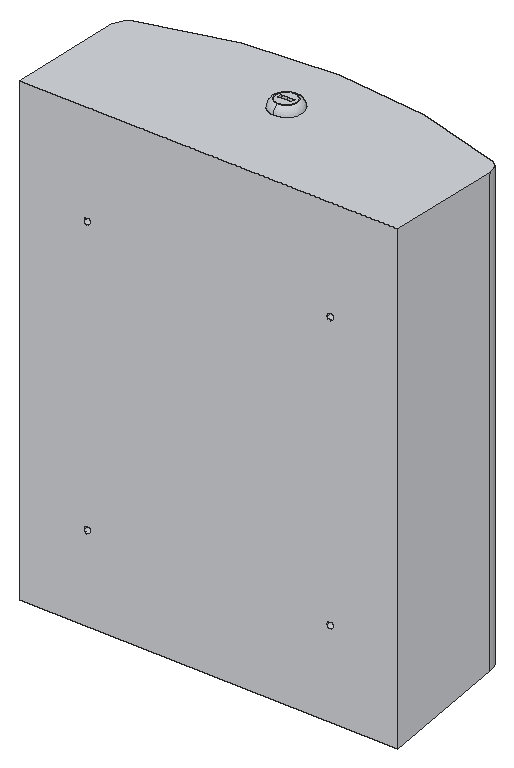
Revit family "AX9008_0003", category Appareils sanitaires, Revit 2016
Family settings
  Hôte = Mur
  Type d'élément = Normal
  Cote de connecteur circulaire = Utiliser le diamètre
  Numéro OmniClass = 23.75.00.00
  Titre OmniClass = Climate Control (HVAC)
  Toujours verticalement = Oui
  Couper avec des vides une fois chargée = Non
  Partagée = Non
  Point de calcul de pièce = Non
Parameters (values of type "Type 1")
  URL = "http://www.axeuro.com/fr/distributeurs-de-savon/23976-distributeur-de-savon-horizontal-arretes-arrondie-ax9403.html?search_query=ax9403&results=2"
  Modèle = "AX9403"  # constant formula
  Matériaux = "En inox 304 (18/10) Bactériostatique"  # constant formula
  Finition = "Brossé Poli Satiné HyperPolish"  # constant formula
  Fabricant = "Axeuro"  # constant formula
  Description = "Distributeur de savon horizontal"  # constant formula
Reference planes
  plane 1 "Mur": y = 0
  plane 2 "Centre (gauche/droite)": x = 0
  plane 3 "Arrière": y = 75
Forms (mm)
  Extrusion 1, solid
    sketch origin (-140, 0, 0) x (0, 1, 0) y (0, 0, 1)
      loop
        line (75, 2500) -> (75, 2155) -> (160, 2169) -> (160, 2500) -> (75, 2500)
    from 0 to 280
  Extrusion 2, solid
    sketch origin (0, 0, 2161.039) x (1, 0, 0) y (0, 1, 0)
      loop
        line (-140, 160) -> (140, 160)
        arc (140, 160) -> (138.056, 166.297) -> (133.575, 171.129) r 14.826
        arc (133.575, 171.129) -> (0, 195) -> (-133.575, 171.129) r 385.659
        arc (-133.575, 171.129) -> (-138.056, 166.297) -> (-140, 160) r 14.826
    from 7.961 to 338.961
  Extrusion 3, void
    sketch origin (-391.406, 0, -88.198) x (1, 0, 0) y (0, 0, 1)
      loop
        circle (301.406, 2512.198) r 2.5
    from -82.072 to -75
  Extrusion 4, void
    sketch origin (-211.406, 0, -88.198) x (1, 0, 0) y (0, 0, 1)
      loop
        circle (301.406, 2512.198) r 2.5
    from -82.072 to -75
  Extrusion 5, void
    sketch origin (-391.406, 0, -293.198) x (1, 0, 0) y (0, 0, 1)
      loop
        circle (301.406, 2512.198) r 2.5
    from -82.072 to -75
  Extrusion 6, void
    sketch origin (-211.406, 0, -293.198) x (1, 0, 0) y (0, 0, 1)
      loop
        circle (301.406, 2512.198) r 2.5
    from -82.072 to -75
  Revolve 7, solid
    sketch origin (0, 2086.38, 2316.985) x (0, 0, 1) y (0, -1, 0)
      loop
        line (183.015, 1951.576) -> (183.015, 1947.779) -> (188.973, 1947.779)
        arc (188.973, 1947.779) -> (186.535, 1950.527) -> (183.015, 1951.576) r 6.699
      axis (188.973, 1939.978) -> (183.015, 1939.978)
    angle from 0 to 360
  Extrusion 8, solid
    sketch origin (0, 2086.38, 2613.973) x (0, -1, 0) y (1, 0, 0)
      loop
        circle (1940.019, 0) r 7.777
    from -113.973 to -108.015
  Extrusion 9, void
    sketch origin (1939.37, 144.147, 2613.973) x (-1, 0, 0) y (0, -1, 0)
      loop
        line (1944.317, -0.713) -> (1934.447, -0.713) -> (1934.447, -3.713) -> (1944.317, -3.713) -> (1944.317, -0.713)
    from -113.973 to -108.015
  Revolve 10, solid, not visible
    sketch origin (162.118, 0, 18.451) x (0, 1, 0) y (0, 0, 1)
      loop
        line (183.015, 1951.576) -> (183.015, 1947.779) -> (188.973, 1947.779)
        arc (188.973, 1947.779) -> (186.535, 1950.527) -> (183.015, 1951.576) r 6.699
      axis (188.973, 1939.978) -> (183.015, 1939.978)
    angle from 0 to 360
  Extrusion 11, solid, not visible
    sketch origin (162.118, 75, 18.451) x (1, 0, 0) y (0, 0, 1)
      loop
        circle (0, 1940.019) r 7.777
    from -113.973 to -108.015
  Extrusion 12, void, not visible
    sketch origin (164.319, 75, 19.088) x (1, 0, 0) y (0, 0, 1)
      loop
        line (-0.713, 1944.317) -> (-3.713, 1944.317) -> (-3.713, 1934.447) -> (-0.713, 1934.447) -> (-0.713, 1944.317)
    from -113.973 to -108.015
  Extrusion 13, void
    sketch origin (0, -9.352, -18.606) x (0, 1, 0) y (0, 0, 1)
      loop
        line (133.352, 2190.965) -> (133.352, 2266.965)
        arc (133.352, 2266.965) -> (131.352, 2268.965) -> (129.352, 2266.965) r 2
        line (129.352, 2266.965) -> (129.352, 2190.965)
        arc (129.352, 2190.965) -> (131.352, 2188.965) -> (133.352, 2190.965) r 2
    from -140 to -130
  Extrusion 14, void
    sketch origin (0, -26.832, 0) x (1, 0, 0) y (0, 1, 0)
      loop
        line (-118.198, 130) -> (-8.351, 117.16)
        arc (-8.351, 117.16) -> (-4.175, 117.112) -> (0, 117.096) r 546.45
        arc (0, 117.096) -> (4.175, 117.112) -> (8.351, 117.16) r 546.45
        line (8.351, 117.16) -> (118.198, 130)
        arc (118.198, 130) -> (125, 140) -> (118.198, 150) r 10.752
        line (118.198, 150) -> (75.246, 150)
        arc (75.246, 150) -> (61.579, 150.358) -> (47.95, 151.431) r 261.137
        arc (47.95, 151.431) -> (26.164, 166.695) -> (0, 171.504) r 62.43
        arc (0, 171.504) -> (-26.164, 166.695) -> (-47.95, 151.431) r 62.43
        arc (-47.95, 151.431) -> (-61.579, 150.358) -> (-75.246, 150) r 261.137
        line (-75.246, 150) -> (-118.198, 150)
        arc (-118.198, 150) -> (-125, 140) -> (-118.198, 130) r 10.752
    from 2127.486 to 2196.215
Cuts and joins
  Extrusion 3, Extrusion 4, Extrusion 5, Extrusion 6, Extrusion 13, Extrusion 14 cuts Extrusion 1
  Extrusion 13 cuts Extrusion 2
  joined: Extrusion 1, Extrusion 2
  Extrusion 9 cuts Extrusion 8
Text (mm)
  text "Côté de la mise en place" at (-1820.995, 1116.779, 0), in view "Niveau de réf."
  text "Côté de la mise en place" at (0, 1334.055, 2976.191), in view "Gauche"
  text "Côté de la mise en place" at (0, 439.194, 2944.362), in view "Droite"
Dimensions and locks
  locked: plane 3 "Arrière" to host wall
  aligned and locked: plane 1 "Mur" to host wall
